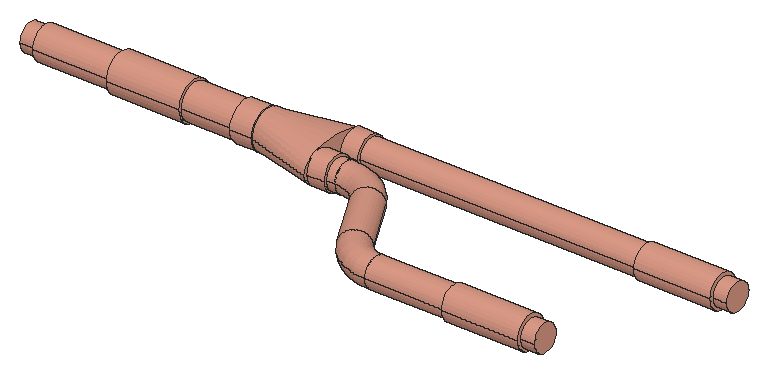
Revit family "outputfile", category 配管付属品, Revit 2024
Family settings
  丸型コネクタ寸法 = 半径を使用
  パーツ タイプ = 標準
  OmniClass 番号 = 23.65.55.00
  OmniClass タイトル = Distribution of Supplied Liquids/Gases
  作業面ベース = いいえ
  常に垂直 = はい
  ロード時にボイドで切り取り = いいえ
  共有 = いいえ
Parameters (values of type "KHRP26A22T")
  Description = ""
  製造元 = "Daikin"
  書き出し IFC クラス(タイプ) = "IfcPipeFittingType"
  定義済み IFC タイプ(タイプ) = "JUNCTION"
  Cost = 0
  Type Comments = ""
  Keynote = ""
  Type Image = (empty or 0)
  Assembly Code = ""
  mm⇔inch [instance] = yes
  l_dividePipe1 [instance] = size_lookup(table_StraightPipe, "l_dividePipe1", 10.0 mm, モデル)  # 10.0 mm
  Default Elevation = 0.0 mm
  モデル = "KHRP26A22T"
  table_StraightPipe [instance] = if(mm⇔inch, "Refnet Joint_KHRP26A-T_Gas_StraightPipe", "Refnet Joint_KHRP26A-T_Gas_StraightPipe_inch")  # "Refnet Joint_KHRP26A-T_Gas_StraightPipe"
  table_BranchPipe [instance] = if(mm⇔inch, "Refnet Joint_KHRP26A-T_Gas_BranchPipe", "Refnet Joint_KHRP26A-T_Gas_BranchPipe_inch")  # "Refnet Joint_KHRP26A-T_Gas_BranchPipe"
  table_Inlet [instance] = if(mm⇔inch, "Refnet Joint_KHRP26A-T_Gas_Inlet", "Refnet Joint_KHRP26A-T_Gas_Inlet_inch")  # "Refnet Joint_KHRP26A-T_Gas_Inlet"
  switch_StraightPipe_Reducer [instance] = if(Is_StraightPipe Reducer = 1, 1 = 1, 1 = 0)  # no
  switch_StraightPipe3 [instance] = if(number_StraightPipe = 3, 1 = 1, 1 = 0)  # no
  switch_StraightPipe2 [instance] = if(number_StraightPipe < 2, 1 = 0, 1 = 1)  # yes
  switch_BranchPipe_Reducer [instance] = if(Is_BranchPipe Reducer = 1, 1 = 1, 1 = 0)  # no
  switch_BranchPipe3 [instance] = if(number_BranchPipe = 3, 1 = 1, 1 = 0)  # no
  switch_BranchPipe2 [instance] = if(number_BranchPipe < 2, 1 = 0, 1 = 1)  # yes
  switch_Inlet pipe_Reducer [instance] = if(Is_Inlet Reducer = 1, 1 = 1, 1 = 0)  # no
  switch_Inlet pipe3 [instance] = if(number_InletPipe = 3, 1 = 1, 1 = 0)  # yes
  switch_Inlet pipe2 [instance] = if(number_InletPipe < 2, 1 = 0, 1 = 1)  # yes
  Uniclass2015Version = "Products v1.31"
  Uniclass2015Title = "Copper pipe fittings"
  Uniclass2015Code = "Pr_65_52_63_18"
  URL = ""
  StraightPipe_Gas_ActualDiameter [instance] = 12.7 mm
  Material_Piping = DAIKIN_Copper_Pipe
  Material_Insulation = DAIKIN_White_Insulation
  lw_Insulation [instance] = size_lookup(table_Inlet, "lw_Insulation", 59.8 mm, モデル)  # 59.8 mm
  Unit Type = "KHRP26A-T_Gas"
  Tag No. [instance] = ""
  StraightPipe_Gas_Status [instance] = size_lookup(table_StraightPipe, "Information", "The connected pipe size is not available.", モデル, StraightPipe_Gas_ActualDiameter)  # "Default connector size is used."
  Link_Nested Family [instance] = ""
  Inlet_Gas_Actual Diameter [instance] = 12.7 mm
  IfcVersion = ""
  IfcExportType = "JUNCTION"
  IfcExportAs = "IfcPipeFittingType"
  BranchPipe_Gas_Status [instance] = size_lookup(table_BranchPipe, "Information", "The connected pipe size is not available.", モデル, BranchPipe_Gas_ActualDiameter)  # "Default connector size is used."
  Inlet_Gas_Status [instance] = size_lookup(table_Inlet, "Information", "The connected pipe size is not available.", モデル, Inlet_Gas_Actual Diameter)  # "Default connector size is used."
  Series = "Refnet Joint"
  O.R_dividePipe_Inlet [instance] = (I.D_InletPipe1 + 2.0 mm) / 2  # 10.55 mm
  r_StraightPipe_Connector [instance] = StraightPipe_Gas_ActualDiameter / 2  # 6.35 mm
  r_BranchPipe_Connector [instance] = BranchPipe_Gas_ActualDiameter / 2  # 6.35 mm
  r_Inlet_Connector [instance] = Inlet_Gas_Actual Diameter / 2  # 6.35 mm
  number_StraightPipe [instance] = size_lookup(table_StraightPipe, "pipeNumber", 2, モデル, StraightPipe_Gas_ActualDiameter)  # 2
  number_BranchPipe [instance] = size_lookup(table_BranchPipe, "pipeNumber", 2, モデル, BranchPipe_Gas_ActualDiameter)  # 2
  number_InletPipe [instance] = size_lookup(table_Inlet, "pipeNumber", 3, モデル, Inlet_Gas_Actual Diameter)  # 3
  r_BranchPipeR [instance] = size_lookup(table_BranchPipe, "r_offsetPipeR", 25.0 mm, モデル, BranchPipe_Gas_ActualDiameter)  # 25.0 mm
  l_BranchPipe_Straight2 [instance] = size_lookup(table_BranchPipe, "L_offsetPipe2", 43.0 mm, モデル)  # 43.0 mm
  l_BranchPipe_Straight1 [instance] = size_lookup(table_BranchPipe, "L_offsetPipe1", 5.0 mm, モデル)  # 5.0 mm
  l_BranchPipe connector [instance] = size_lookup(table_BranchPipe, "Length", 170.0 mm, モデル, BranchPipe_Gas_ActualDiameter)  # 170.0 mm
  l_inlet connector [instance] = size_lookup(table_Inlet, "Length", 130.0 mm, モデル, Inlet_Gas_Actual Diameter)  # 130.0 mm
  l_dividePipe [instance] = size_lookup(table_Inlet, "L_devidePipe", 38.0 mm, モデル)  # 38.0 mm
  l_StraightPipeReducer [instance] = size_lookup(table_StraightPipe, "L_Reducer", 80.0 mm, モデル, StraightPipe_Gas_ActualDiameter)  # 80.0 mm
  l_StraightPipe3 [instance] = size_lookup(table_StraightPipe, "L_Pipe3", 2.0 mm, モデル)  # 2.0 mm
  l_StraightPipe2 [instance] = size_lookup(table_StraightPipe, "L_Pipe2", 8.0 mm, モデル)  # 8.0 mm
  l_StraightPipe1 [instance] = size_lookup(table_StraightPipe, "L_Pipe1", 42.0 mm, モデル)  # 42.0 mm
  l_StraightPipe0 [instance] = size_lookup(table_StraightPipe, "L_Pipe0", 152.0 mm, モデル)  # 152.0 mm
  l_StraightPipe connector [instance] = size_lookup(table_StraightPipe, "Length", 212.0 mm, モデル, StraightPipe_Gas_ActualDiameter)  # 212.0 mm
  l_BranchPipe Reducer [instance] = size_lookup(table_BranchPipe, "L_Reducer", 80.0 mm, モデル, BranchPipe_Gas_ActualDiameter)  # 80.0 mm
  l_BranchPipe3 [instance] = size_lookup(table_BranchPipe, "L_Pipe3", 2.0 mm, モデル)  # 2.0 mm
  l_BranchPipe2 [instance] = size_lookup(table_BranchPipe, "L_Pipe2", 8.0 mm, モデル)  # 8.0 mm
  l_BranchPipe1 [instance] = size_lookup(table_BranchPipe, "L_Pipe1", 42.0 mm, モデル)  # 42.0 mm
  l_BranchPipe0 [instance] = size_lookup(table_BranchPipe, "L_Pipe0", 110.0 mm, モデル)  # 110.0 mm
  l_InletReducer [instance] = size_lookup(table_Inlet, "L_Reducer", 100.0 mm, モデル, Inlet_Gas_Actual Diameter)  # 100.0 mm
  l_InletPipe3 [instance] = size_lookup(table_Inlet, "L_Pipe3", 8.0 mm, モデル)  # 8.0 mm
  l_InletPipe2 [instance] = size_lookup(table_Inlet, "L_Pipe2", 42.0 mm, モデル)  # 42.0 mm
  l_InletPipe1 [instance] = size_lookup(table_Inlet, "L_Pipe1", 40.0 mm, モデル)  # 40.0 mm
  l_InletPipe0 [instance] = size_lookup(table_Inlet, "L_Pipe0", 28.0 mm, モデル)  # 28.0 mm
  center_StraightPipe [instance] = size_lookup(table_StraightPipe, "center_Pipe", 11.5 mm, モデル)  # 11.5 mm
  center_BranchPipe2 [instance] = size_lookup(table_BranchPipe, "center_OffsetPipe", 68.5 mm, モデル)  # 68.5 mm
  center_BranchPipe1 [instance] = size_lookup(table_BranchPipe, "center_Pipe", 11.5 mm, モデル)  # 11.5 mm
  StraightPipe_Gas_AvailableDiameter [instance] = size_lookup(table_StraightPipe, "sizeVariation", "", モデル)  # "12.7/15.9/19.1mm"
  BranchPipe_Gas_AvailableDiameter [instance] = size_lookup(table_BranchPipe, "sizeVariation", "", モデル)  # "12.7/15.9mm"
  Inlet_Gas_Available Diameter [instance] = size_lookup(table_Inlet, "sizeVariation", "", モデル)  # "12.7/15.9/19.1/22.2mm"
  O.D_StraightPipe Reducer [instance] = size_lookup(table_StraightPipe, "O.D_reducer", 2.0 mm, モデル, StraightPipe_Gas_ActualDiameter)  # 2.0 mm
  O.D_Offset Outlet Reducer [instance] = size_lookup(table_BranchPipe, "O.D_reducer", 2.0 mm, モデル, BranchPipe_Gas_ActualDiameter)  # 2.0 mm
  O.D_Inlet Reducer [instance] = size_lookup(table_Inlet, "O.D_reducer", 2.0 mm, モデル, Inlet_Gas_Actual Diameter)  # 2.0 mm
  Is_StraightPipe Reducer [instance] = size_lookup(table_StraightPipe, "IsReducer", 0, モデル, StraightPipe_Gas_ActualDiameter)  # 0
  Is_BranchPipe Reducer [instance] = size_lookup(table_BranchPipe, "IsReducer", 0, モデル, BranchPipe_Gas_ActualDiameter)  # 0
  Is_Inlet Reducer [instance] = size_lookup(table_Inlet, "IsReducer", 0, モデル, Inlet_Gas_Actual Diameter)  # 0
  BranchPipe_Gas_ActualDiameter [instance] = 12.7 mm
  Attach_Insulation [instance] = no
  I.D_StraightPipe3 [instance] = size_lookup(table_StraightPipe, "I.D_PipeSize3", 2.0 mm, モデル)  # 2.0 mm
  I.D_StraightPipe2 [instance] = size_lookup(table_StraightPipe, "I.D_PipeSize2", 12.7 mm, モデル)  # 12.7 mm
  I.D_StraightPipe1 [instance] = size_lookup(table_StraightPipe, "I.D_PipeSize1", 15.9 mm, モデル)  # 15.9 mm
  I.D_StraightPipe0 [instance] = size_lookup(table_StraightPipe, "I.D_PipeSize0", 13.9 mm, モデル)  # 13.9 mm
  I.D_BranchPipe3 [instance] = size_lookup(table_BranchPipe, "I.D_PipeSize3", 2.0 mm, モデル)  # 2.0 mm
  I.D_BranchPipe2 [instance] = size_lookup(table_BranchPipe, "I.D_PipeSize2", 12.7 mm, モデル)  # 12.7 mm
  I.D_BranchPipe1 [instance] = size_lookup(table_BranchPipe, "I.D_PipeSize1", 15.9 mm, モデル)  # 15.9 mm
  I.D_BranchPipe0 [instance] = size_lookup(table_BranchPipe, "I.D_PipeSize0", 13.9 mm, モデル)  # 13.9 mm
  I.D_Straight Reducer [instance] = size_lookup(table_StraightPipe, "I.D_reducer", 2.0 mm, モデル, StraightPipe_Gas_ActualDiameter)  # 2.0 mm
  I.D_OutletPipe [instance] = size_lookup(table_Inlet, "I.D_OutletPipeSize", 16.0 mm, モデル, Inlet_Gas_Actual Diameter)  # 16.0 mm
  I.D_Branch Reducer [instance] = size_lookup(table_BranchPipe, "I.D_reducer", 2.0 mm, モデル, BranchPipe_Gas_ActualDiameter)  # 2.0 mm
  I.D_Inlet Reducer [instance] = size_lookup(table_Inlet, "I.D_reducer", 2.0 mm, モデル, Inlet_Gas_Actual Diameter)  # 2.0 mm
  I.D_InletPipe3 [instance] = size_lookup(table_Inlet, "I.D_PipeSize3", 12.7 mm, モデル)  # 12.7 mm
  I.D_InletPipe2 [instance] = size_lookup(table_Inlet, "I.D_PipeSize2", 15.9 mm, モデル)  # 15.9 mm
  I.D_InletPipe1 [instance] = size_lookup(table_Inlet, "I.D_PipeSize1", 19.1 mm, モデル)  # 19.1 mm
  I.D_InletPipe0 [instance] = size_lookup(table_Inlet, "I.D_PipeSize0", 17.1 mm, モデル)  # 17.1 mm
Reference planes
  plane 1 "Center (Front/Back)": y = 0
  plane 2: z = 0
  plane 3 "base_left": x = 0
  plane 4: x = 8
  plane 5: x = 50
  plane 6: x = 90
  plane 7: x = 118
  plane 8: x = 130
  plane 9: x = 168
  plane 10: x = 178
  plane 11 "center_straight outlet": y = 11.5
  plane 12 "center2_offset outlet": y = -68.5
  plane 13 "center1_offset outlet": y = -11.5
  plane 14: x = 330
  plane 15: x = 372
  plane 16: x = 380
  plane 17: x = 288
  plane 18: x = 330
  plane 19: x = 338
  plane 20: x = 382
  plane 21: x = 340
  plane 22 "Reducer_straightoutlet": x = 338
  plane 23: x = 380
  plane 24: y = -22.05
  plane 25: z = 10.55
  plane 26 "Inlet_connector": x = 0
  plane 27 "Left_Insulation": x = 70.2
Forms (mm)
  SweptBlend 1, solid, material "DAIKIN_Copper_Pipe" <- "Material_Piping"
    path origin (0, 0, 0) x (1, 0, 0) y (0, 1, 0)
      loop
        line (130, 0) -> (168, 0)
    profile origin (130, 0, 0) x (0, 1, 0) y (0, 0, 1)
      loop
        circle (0, 0) r 10.55
    end profile origin (168, 0, 0) x (0, 1, 0) y (0, 0, 1)
      loop
        spline (-22.05, 0) -> (-21.299, -2.731) -> (-19.096, -5.275) -> (-15.592, -7.46) -> (-11.025, -9.137) -> (-5.707, -10.191) -> (0, -10.55) -> (5.707, -10.191) -> (11.025, -9.137) -> (15.592, -7.46) -> (19.096, -5.275) -> (21.299, -2.731) -> (22.05, 0)
        spline (22.05, 0) -> (21.299, 2.731) -> (19.096, 5.275) -> (15.592, 7.46) -> (11.025, 9.137) -> (5.707, 10.191) -> (0, 10.55) -> (-5.707, 10.191) -> (-11.025, 9.137) -> (-15.592, 7.46) -> (-19.096, 5.275) -> (-21.299, 2.731) -> (-22.05, 0)
Dimensions and locks
  "l_InletPipe3": plane 3 "base_left" to plane 4
  "l_InletPipe2": plane 4 to plane 5
  "l_InletPipe1": plane 5 to plane 6
  "l_InletPipe0": plane 6 to plane 7
  locked: plane 7 to plane 8 at 12
  "center_StraightPipe": plane 1 "Center (Front/Back)" to plane 11 "center_straight outlet"
  "center_BranchPipe2": plane 12 "center2_offset outlet" to plane 1 "Center (Front/Back)"
  "center_BranchPipe1": plane 13 "center1_offset outlet" to plane 1 "Center (Front/Back)"
  "l_dividePipe": plane 8 to plane 9
  "l_dividePipe1": plane 9 to plane 10
  "l_StraightPipe0": plane 10 to plane 14
  "l_BranchPipe0": plane 10 to plane 17
  "l_BranchPipe1": plane 17 to plane 18
  "l_BranchPipe2": plane 18 to plane 19
  "l_StraightPipe1": plane 14 to plane 15
  "l_StraightPipe2": plane 15 to plane 16
  "l_StraightPipe3": plane 16 to plane 20
  "l_BranchPipe3": plane 19 to plane 21
  "l_BranchPipe connector": plane 9 to plane 22 "Reducer_straightoutlet"
  "l_StraightPipe connector": plane 9 to plane 23
  "O.R_dividePipe_Inlet": plane 24 to plane 13 "center1_offset outlet"
  "O.R_dividePipe_Inlet": plane 25 to plane 2
  "l_inlet connector": plane 26 "Inlet_connector" to plane 8
  "lw_Insulation": plane 27 "Left_Insulation" to plane 8
  "O.R_dividePipe_Inlet": radius of SweptBlend 1 sketch curve
  aligned and locked: level to plane 2
  aligned and locked: plane 2 to nested 1
  aligned and locked: plane 3 "base_left" to nested 1
  aligned and locked: plane 1 "Center (Front/Back)" to nested 1
  aligned and locked: plane 4 to nested 2
  aligned and locked: plane 1 "Center (Front/Back)" to nested 2
  aligned and locked: plane 5 to nested 2
  aligned and locked: plane 5 to nested 3
  aligned and locked: plane 6 to nested 3
  aligned and locked: plane 6 to nested 4
  aligned and locked: nested 4 to plane 7
  aligned and locked: nested 5 to plane 7
  aligned and locked: nested 5 to plane 8
  aligned and locked: plane 8 to SweptBlend 1 sketch curve
  aligned and locked: plane 9 to SweptBlend 1 sketch curve
  aligned and locked: plane 2 to SweptBlend 1 sketch curve  (x2)
  aligned and locked: plane 1 "Center (Front/Back)" to SweptBlend 1 sketch curve  (x2)
  aligned and locked: nested 6 to plane 9
  aligned and locked: nested 7 to plane 9
  aligned and locked: nested 6 to plane 11 "center_straight outlet"
  aligned and locked: nested 7 to plane 13 "center1_offset outlet"
  aligned and locked: nested 7 to plane 10
  aligned and locked: nested 6 to plane 10
  aligned and locked: nested 8 to plane 10
  aligned and locked: plane 14 to nested 8
  aligned and locked: nested 8 to plane 11 "center_straight outlet"
  aligned and locked: plane 14 to nested 9
  aligned and locked: nested 9 to plane 11 "center_straight outlet"
  aligned and locked: plane 15 to nested 9
  aligned and locked: nested 10 to plane 11 "center_straight outlet"
  aligned and locked: plane 15 to nested 10
  aligned and locked: plane 16 to nested 10
  aligned and locked: nested 11 to plane 12 "center2_offset outlet"
  aligned and locked: plane 17 to nested 11
  aligned and locked: plane 18 to nested 11
  aligned and locked: nested 12 to plane 12 "center2_offset outlet"
  aligned and locked: plane 18 to nested 12
  aligned and locked: plane 19 to nested 12
  aligned and locked: nested 13 to plane 10
  aligned and locked: nested 13 to plane 13 "center1_offset outlet"
  aligned and locked: nested 13 to plane 12 "center2_offset outlet"
  aligned and locked: plane 8 to nested 14
  aligned and locked: plane 1 "Center (Front/Back)" to nested 14
  aligned and locked: plane 11 "center_straight outlet" to nested 15
  aligned and locked: nested 15 to plane 9
  aligned and locked: nested 16 to plane 9
  aligned and locked: plane 12 "center2_offset outlet" to nested 16
  aligned and locked: nested 17 to plane 1 "Center (Front/Back)"
  aligned and locked: plane 16 to nested 18
  aligned and locked: plane 20 to nested 18
  aligned and locked: plane 19 to nested 19
  aligned and locked: plane 21 to nested 19
  aligned and locked: nested 20 to plane 12 "center2_offset outlet"
  aligned and locked: plane 23 to nested 21
  aligned and locked: nested 21 to plane 11 "center_straight outlet"
  aligned and locked: plane 4 to nested 1
  aligned and locked: plane 24 to SweptBlend 1 sketch curve
  aligned and locked: plane 25 to SweptBlend 1 sketch curve
  aligned and locked: nested 19 to plane 12 "center2_offset outlet"
  aligned and locked: nested 18 to plane 11 "center_straight outlet"
  aligned and locked: nested 17 to plane 26 "Inlet_connector"
  aligned and locked: plane 22 "Reducer_straightoutlet" to nested 20
  aligned and locked: plane 27 "Left_Insulation" to nested 22
  aligned and locked: plane 1 "Center (Front/Back)" to nested 22
Automatic sketch dimensions
  plane 1 "Center (Front/Back)" to SweptBlend 1 sketch curve = 0.0 mm
Nested families
  nested 1: "daikin_Pipe" at (4, 0, 0), I.D_Pipe <- "I.D_InletPipe3", display <- "switch_Inlet pipe3", type "*"
    with length_Pipe 8.0 mm, display yes, O.D_Pipe 14.7 mm, I.D_Pipe 12.7 mm
  nested 2: "daikin_Pipe" at (29, 0, 0), I.D_Pipe <- "I.D_InletPipe2", display <- "switch_Inlet pipe2", type "*"
    with length_Pipe 42.0 mm, display yes, O.D_Pipe 17.9 mm, I.D_Pipe 15.9 mm
  nested 3: "daikin_Pipe" at (70, 0, 0), I.D_Pipe <- "I.D_InletPipe1", type "*"
    with length_Pipe 40.0 mm, display yes, O.D_Pipe 21.1 mm, I.D_Pipe 19.1 mm
  nested 4: "daikin_Pipe" at (104, 0, 0), I.D_Pipe <- "I.D_InletPipe0", type "*"
    with length_Pipe 28.0 mm, display yes, O.D_Pipe 19.1 mm, I.D_Pipe 17.1 mm
  nested 5: "daikin_Pipe" at (124, 0, 0), I.D_Pipe <- "I.D_InletPipe1", type "*"
    with length_Pipe 12.0 mm, display yes, O.D_Pipe 21.1 mm, I.D_Pipe 19.1 mm
  nested 6: "daikin_Pipe" at (173, 11.5, 0), I.D_Pipe <- "I.D_OutletPipe", type "*"
    with length_Pipe 10.0 mm, display yes, O.D_Pipe 18.0 mm, I.D_Pipe 16.0 mm
  nested 7: "daikin_Pipe" at (173, -11.5, 0), I.D_Pipe <- "I.D_OutletPipe", type "*"
    with length_Pipe 10.0 mm, display yes, O.D_Pipe 18.0 mm, I.D_Pipe 16.0 mm
  nested 8: "daikin_Pipe" at (254, 11.5, 0), I.D_Pipe <- "I.D_StraightPipe0", type "*"
    with length_Pipe 152.0 mm, display yes, O.D_Pipe 15.9 mm, I.D_Pipe 13.9 mm
  nested 9: "daikin_Pipe" at (351, 11.5, 0), I.D_Pipe <- "I.D_StraightPipe1", type "*"
    with length_Pipe 42.0 mm, display yes, O.D_Pipe 17.9 mm, I.D_Pipe 15.9 mm
  nested 10: "daikin_Pipe" at (376, 11.5, 0), I.D_Pipe <- "I.D_StraightPipe2", display <- "switch_StraightPipe2", type "*"
    with length_Pipe 8.0 mm, display yes, O.D_Pipe 14.7 mm, I.D_Pipe 12.7 mm
  nested 11: "daikin_Pipe" at (309, -68.5, 0), I.D_Pipe <- "I.D_BranchPipe1", type "*"
    with length_Pipe 42.0 mm, display yes, O.D_Pipe 17.9 mm, I.D_Pipe 15.9 mm
  nested 12: "daikin_Pipe" at (334, -68.5, 0), I.D_Pipe <- "I.D_BranchPipe2", display <- "switch_BranchPipe2", type "*"
    with length_Pipe 8.0 mm, display yes, O.D_Pipe 14.7 mm, I.D_Pipe 12.7 mm
  nested 13: "daikin_Pipe Ofsset" at (178, -11.5, 0), I.D_Pipe size <- "I.D_BranchPipe0", length_straight pipe1 <- "l_BranchPipe_Straight1", length_straight pipe2 <- "l_BranchPipe_Straight2", r_Pipe R <- "r_BranchPipeR", length_Pipe <- "l_BranchPipe0", type "*"
    with r_Pipe R 25.0 mm, length_straight pipe2 43.0 mm, length_straight pipe1 5.0 mm, length_offset center 57.0 mm, length_Pipe 110.0 mm, O.D_Pipe size 15.9 mm, I.D_Pipe size 13.9 mm
  nested 14: "daikin_connector_rotate2" at (130, 0, 0) x (0, -1, 0) z (0, 0, 1), length <- "l_inlet connector", type "daikin_connector_rotate2"
    with radius 5.0 mm, length 130.0 mm, angle_vertical 90.00°, locaton_mark no
  nested 15: "daikin_connector_rotate2" at (168, 11.5, 0) x (0, 1, 0) z (0, 0, 1), length <- "l_StraightPipe connector", type "daikin_connector_rotate2"
    with radius 5.0 mm, length 212.0 mm, angle_vertical 90.00°, locaton_mark no
  nested 16: "daikin_connector_rotate2" at (168, -68.5, 0) x (0, 1, 0) z (0, 0, 1), length <- "l_BranchPipe connector", type "daikin_connector_rotate2"
    with radius 5.0 mm, length 170.0 mm, angle_vertical 90.00°, locaton_mark no
  nested 17: "daikin_Pipe_reducer" at (50, 0, 0) x (-1, 0, 0) z (0, 0, 1), display <- "switch_Inlet pipe_Reducer", length_Pipe <- "l_InletReducer", I.D_Pipe1 <- "I.D_Inlet Reducer", O.D_Pipe2 <- "O.D_Inlet Reducer", type "*"
    with length_Pipe 100.0 mm, display no, O.D_Pipe2 2.0 mm, O.D_Pipe1 4.0 mm, I.D_Pipe2 0.0 mm, I.D_Pipe1 2.0 mm
  nested 18: "daikin_Pipe" at (381, 11.5, 0), I.D_Pipe <- "I.D_StraightPipe3", display <- "switch_StraightPipe3", type "*"
    with length_Pipe 2.0 mm, display no, O.D_Pipe 4.0 mm, I.D_Pipe 2.0 mm
  nested 19: "daikin_Pipe" at (339, -68.5, 0), I.D_Pipe <- "I.D_BranchPipe3", display <- "switch_BranchPipe3", type "*"
    with length_Pipe 2.0 mm, display no, O.D_Pipe 4.0 mm, I.D_Pipe 2.0 mm
  nested 20: "daikin_Pipe_reducer" at (298, -68.5, 0), I.D_Pipe1 <- "I.D_Branch Reducer", O.D_Pipe2 <- "O.D_Offset Outlet Reducer", length_Pipe <- "l_BranchPipe Reducer", display <- "switch_BranchPipe_Reducer", type "*"
    with length_Pipe 80.0 mm, display no, O.D_Pipe2 2.0 mm, O.D_Pipe1 4.0 mm, I.D_Pipe2 0.0 mm, I.D_Pipe1 2.0 mm
  nested 21: "daikin_Pipe_reducer" at (340, 11.5, 0), I.D_Pipe1 <- "I.D_Straight Reducer", O.D_Pipe2 <- "O.D_StraightPipe Reducer", length_Pipe <- "l_StraightPipeReducer", display <- "switch_StraightPipe_Reducer", type "*"
    with length_Pipe 80.0 mm, display no, O.D_Pipe2 2.0 mm, O.D_Pipe1 4.0 mm, I.D_Pipe2 0.0 mm, I.D_Pipe1 2.0 mm
  nested 22: "daikin_Insulation_RefnetJoint" at (70.2, 0, 0), I.D_Outlet PipeSize <- "I.D_OutletPipe", type "*"
    with h 48.0 mm, I.D_Outlet PipeSize 16.0 mm, display no
Connectors
  piping at (0, 0, 0), diameter 12.7, driven by "r_Inlet_Connector"
    settings: on nested 14, index 1, connector inside diameter 609.6 mm, connector length 0.0 mm, flow factor 0, pipe flow 0.00 m³/h, pressure drop 0.0 Pa, fitting loss kfactor 0, connector angle 0.00°, fixture units 0, engagement length 0.0 mm, angle of deflection 0.00°, flow configuration 0, flow direction 2, fitting loss method 0, system type 29, joint type 0, gender type 0, connector reference index -1, connector utility 0, adjustable connector no, is connector primary yes, connector description "Refnet Joint_Inlet_Gas"
  piping at (338, -68.5, 0), diameter 12.7, driven by "r_BranchPipe_Connector"
    settings: on nested 16, index 2, connector inside diameter 609.6 mm, connector length 0.0 mm, flow factor 0, pipe flow 0.00 m³/h, pressure drop 0.0 Pa, fitting loss kfactor 0, connector angle 0.00°, fixture units 0, engagement length 0.0 mm, angle of deflection 0.00°, flow configuration 0, flow direction 1, fitting loss method 0, system type 29, joint type 0, gender type 0, connector reference index -1, connector utility 0, adjustable connector no, is connector primary no, connector description "Refnet Joint_Outlet Branch_Gas"
  piping at (380, 11.5, 0), diameter 12.7, driven by "r_StraightPipe_Connector"
    settings: on nested 15, index 3, connector inside diameter 609.6 mm, connector length 0.0 mm, flow factor 0, pipe flow 0.00 m³/h, pressure drop 0.0 Pa, fitting loss kfactor 0, connector angle 0.00°, fixture units 0, engagement length 0.0 mm, angle of deflection 0.00°, flow configuration 0, flow direction 1, fitting loss method 0, system type 29, joint type 0, gender type 0, connector reference index -1, connector utility 0, adjustable connector no, is connector primary no, connector description "Refnet Joint_Outlet Straight_Gas"
Definition of nested family "daikin_Pipe"
  Parameters (values of type "*")
    Default Elevation = 0.0 mm
    material = none
    length_Pipe [instance] = 150.0 mm
    display [instance] = yes
    O.D_Pipe [instance] = I.D_Pipe + 2.0 mm  # 27.0 mm
    I.D_Pipe [instance] = 25.0 mm
  Reference planes
    plane 1 "Center (Front/Back)": y = 0
    plane 2 "center(vertical)": z = 0
    plane 3 "Center (Left/Right)": x = 0
    plane 4 "left": x = -75
    plane 5 "right": x = 75
  Forms (mm)
    Extrusion 1, solid, material <- "material", visible <- "display"
      sketch origin (0, 0, 0) x (0, 1, 0) y (0, 0, 1)
        loop
          circle (0, 0) r 13.5
      from -75 to 75
  Dimensions and locks
    equal spacing: plane 4 "left", plane 3 "Center (Left/Right)", plane 5 "right"
    "length_Pipe": plane 4 "left" to plane 5 "right"
    "O.D_Pipe": diameter of Extrusion 1 sketch curve
    aligned and locked: level to plane 2 "center(vertical)"
    aligned and locked: plane 2 "center(vertical)" to Extrusion 1 sketch curve
    aligned and locked: plane 1 "Center (Front/Back)" to Extrusion 1 sketch curve
    aligned and locked: plane 5 "right" to Extrusion 1
    aligned and locked: Extrusion 1 to plane 4 "left"
Definition of nested family "daikin_Pipe Ofsset"
  Parameters (values of type "*")
    Default Elevation = 0.0 mm
    r_Pipe R [instance] = 40.0 mm
    material = none
    length_straight pipe2 [instance] = 43.0 mm
    length_straight pipe1 [instance] = 5.0 mm
    length_offset center [instance] = 57.0 mm
    length_Pipe [instance] = 110.0 mm
    O.D_Pipe size [instance] = I.D_Pipe size + 2.0 mm  # 12.0 mm
    I.D_Pipe size [instance] = 10.0 mm
  Reference planes
    plane 1 "Center (Front/Back)": y = 0
    plane 2: z = 0
    plane 3 "Center (Left/Right)": x = 0
    plane 4: y = -57
    plane 5: x = 110
    plane 6: x = 67
    plane 7: x = 5
  Forms (mm)
    Sweep 1, solid, material <- "material"
      path origin (0, 0, 0) x (1, 0, 0) y (0, 1, 0)
        loop
          line (0, 0) -> (5, 0)
          arc (5, 0) -> (20.74, -3.227) -> (33.94, -12.387) r 40
          line (33.94, -12.387) -> (38.06, -44.613)
          arc (38.06, -44.613) -> (51.26, -53.773) -> (67, -57) r 40
          line (67, -57) -> (110, -57)
      profile origin (2.5, 0, 0) x (0, 1, 0) y (0, 0, 1)
        loop
          circle (0, 0) r 6
  Dimensions and locks
    "length_offset center": plane 4 to plane 1 "Center (Front/Back)"
    "length_straight pipe1": plane 3 "Center (Left/Right)" to plane 7
    "length_Pipe": plane 3 "Center (Left/Right)" to plane 5
    "length_straight pipe2": plane 6 to plane 5
    "O.D_Pipe size": diameter of Sweep 1 sketch curve
    "r_Pipe R": radius of Sweep 1 sketch curve  (x2)
    aligned and locked: level to plane 2
    aligned and locked: plane 1 "Center (Front/Back)" to Sweep 1 sketch curve
    aligned and locked: profile plane to Sweep 1 sketch curve
    aligned and locked: plane 5 to Sweep 1 sketch curve
    aligned and locked: plane 7 to Sweep 1 sketch curve
    aligned and locked: plane 6 to Sweep 1 sketch curve
  Automatic sketch dimensions
    plane 1 "Center (Front/Back)" to Sweep 1 sketch curve = 0.0 mm
    Sweep 1 sketch curve to plane 3 "Center (Left/Right)" = 0.0 mm
    plane 4 to Sweep 1 sketch curve = 0.0 mm
    plane 1 "Center (Front/Back)" to Sweep 1 sketch curve = 12.387 mm
    Sweep 1 sketch curve to plane 4 = 12.387 mm
Definition of nested family "daikin_connector_rotate2"
  Parameters (values of type "daikin_connector_rotate2")
    show_face = no
    radius [instance] = 10.0 mm
    locaton_mark = yes
    length [instance] = 600.0 mm
    d_surface = 10.0 mm
    angle_vertical [instance] = 90.00°
    Default Elevation = 0.0 mm
  Reference planes
    plane 1 "Center (Front/Back)": y = 0
    plane 2: z = 0
    plane 3 "Center (Left/Right)": x = 0
  Forms (mm)
    Extrusion 1, solid, visible <- "show_face"
      sketch origin (0, -600, 0) x (1, 0, 0) y (0, 0, 1)
        loop
          circle (0, 0) r 10
      from 0 to -10
  Lines and regions (mm)
    reference lines
      curve 1: line (0, 0, 0) -> (0, -600, 0)
    symbolic lines, visible <- "locaton_mark"
      curve 2: circle (0, 0, 0) r 5 normal (0, 0, 1)
    model lines, visible <- "show_face"
      curve 3: line (0, 0, 0) -> (0, -600, 0)
  Dimensions and locks
    "length": curve 1 to curve 1
    "length": curve 3 to curve 3
    "d_surface": Extrusion 1 to Extrusion 1
    "radius": radius of Extrusion 1 sketch curve
    "angle_vertical": angle curve 1 to plane 1 "Center (Front/Back)"
    "angle_vertical": angle curve 3 to plane 1 "Center (Front/Back)"
    aligned and locked: level to plane 2
    aligned and locked: plane 1 "Center (Front/Back)" to curve 1
    aligned and locked: plane 2 to curve 1
    aligned and locked: plane 1 "Center (Front/Back)" to curve 2
    aligned and locked: plane 3 "Center (Left/Right)" to curve 2
    aligned and locked: plane 1 "Center (Front/Back)" to curve 3
    aligned and locked: plane 2 to curve 3
    aligned and locked: Extrusion 1 to Extrusion 1
  Automatic sketch dimensions
    Extrusion 1 sketch curve to level = 0.0 mm
    Extrusion 1 sketch curve to plane 3 "Center (Left/Right)" = 0.0 mm
    radius of curve 2 = 5.0 mm
Definition of nested family "daikin_Pipe_reducer"
  Parameters (values of type "*")
    Default Elevation = 0.0 mm
    material = none
    length_Pipe [instance] = 250.0 mm
    display [instance] = yes
    O.D_Pipe2 [instance] = 19.1 mm
    O.D_Pipe1 [instance] = I.D_Pipe1 + 2.0 mm  # 24.2 mm
    I.D_Pipe2 [instance] = O.D_Pipe2 - 2.0 mm  # 17.1 mm
    I.D_Pipe1 [instance] = 22.2 mm
  Reference planes
    plane 1 "Center (Front/Back)": y = 0
    plane 2 "center(vertical)": z = 0
    plane 3 "Center (Left/Right)": x = 0
    plane 4 "connection": x = -125
    plane 5 "right": x = 113
    plane 6: x = 125
  Forms (mm)
    Extrusion 1, solid, material <- "material", visible <- "display"
      sketch origin (0, 0, 0) x (0, 1, 0) y (0, 0, 1)
        loop
          circle (0, 0) r 9.55
      from -125 to 113
    Extrusion 2, solid, material <- "material", visible <- "display"
      sketch origin (0, 0, 0) x (0, 1, 0) y (0, 0, 1)
        loop
          circle (0, 0) r 12.1
      from 113 to 125
  Dimensions and locks
    locked: plane 5 "right" to plane 6 at 12
    "length_Pipe": plane 4 "connection" to plane 6
    equal spacing: plane 4 "connection", plane 3 "Center (Left/Right)", plane 6
    "O.D_Pipe2": diameter of Extrusion 1 sketch curve
    "O.D_Pipe1": diameter of Extrusion 2 sketch curve
    aligned and locked: level to plane 2 "center(vertical)"
    aligned and locked: plane 2 "center(vertical)" to Extrusion 1 sketch curve
    aligned and locked: plane 1 "Center (Front/Back)" to Extrusion 1 sketch curve
    aligned and locked: plane 5 "right" to Extrusion 1
    aligned and locked: Extrusion 1 to plane 4 "connection"
    aligned and locked: plane 2 "center(vertical)" to Extrusion 2 sketch curve
    aligned and locked: plane 1 "Center (Front/Back)" to Extrusion 2 sketch curve
    aligned and locked: Extrusion 2 to plane 5 "right"
    aligned and locked: plane 6 to Extrusion 2
Definition of nested family "daikin_Insulation_RefnetJoint"
  Parameters (values of type "*")
    r_Insulation = size_lookup(table_Insulation, "r_Insulation", 13.5 mm, Model)  # 13.5 mm
    h_Insulation = size_lookup(table_Insulation, "h_Insulation", 202.5 mm, Model)  # 202.5 mm
    d_Insulation3_3 = size_lookup(table_Insulation, "d_Insulation3_3", 68.0 mm, Model)  # 68.0 mm
    d_Insulation2_2 = size_lookup(table_Insulation, "d_Insulation2_2", 38.0 mm, Model)  # 38.0 mm
    d_Insulation1_1 = size_lookup(table_Insulation, "d_Insulation1_1", 26.5 mm, Model)  # 26.5 mm
    Default Elevation = 0.0 mm
    Model = "KHRP26A22T"
    w_Insulation5 = size_lookup(table_Insulation, "w_Insulation5", 212.0 mm, Model)  # 212.0 mm
    w_Insulation4 = size_lookup(table_Insulation, "w_Insulation4", 67.0 mm, Model)  # 67.0 mm
    w_Insulation3 = size_lookup(table_Insulation, "w_Insulation3", 34.7 mm, Model)  # 34.7 mm
    w_Insulation2 = size_lookup(table_Insulation, "w_Insulation2", 80.0 mm, Model)  # 80.0 mm
    w_Insulation1 = size_lookup(table_Insulation, "w_Insulation1", 22.0 mm, Model)  # 22.0 mm
    table_Insulation = "Refnet Joint_KHRP26A-T_Gas_Insulation"  # constant formula
    material = none
    h [instance] = (I.D_Outlet PipeSize + 2.0 mm) + 30.0 mm  # 47.0 mm
    display = yes
    d_Insulation3 = size_lookup(table_Insulation, "d_Insulation3", 63.5 mm, Model)  # 63.5 mm
    d_Insulation2 = size_lookup(table_Insulation, "d_Insulation2", 41.0 mm, Model)  # 41.0 mm
    d_Insulation1 = size_lookup(table_Insulation, "d_Insulation1", 29.5 mm, Model)  # 29.5 mm
    I.D_Outlet PipeSize [instance] = 15.0 mm
  Reference planes
    plane 1 "Center (Front/Back)": y = 0
    plane 2: z = 0
    plane 3 "Left": x = 0
    plane 4 "top": z = 23.5
    plane 5 "bottom": z = -23.5
    plane 6: x = 22
    plane 7: x = 80
    plane 8: y = 26.5
    plane 9: y = -29.5
    plane 10: y = 38
    plane 11: y = -41
    plane 12: y = -93.5
    plane 13: x = 212
    plane 14: y = -30
    plane 15: x = 114.7
    plane 16: x = 145
    plane 17: x = 202.5
  Forms (mm)
    Extrusion 1, solid, material <- "material", visible <- "display"
      sketch origin (0, 0, 0) x (1, 0, 0) y (0, 1, 0)
        loop
          line (22, 26.5) -> (0, 26.5) -> (0, -29.5) -> (22, -29.5) -> (80, -41) -> (114.7, -41) -> (145, -93.5) -> (212, -93.5) -> (212, -43.5) -> (202.5, -43.5)
          arc (202.5, -43.5) -> (189, -30) -> (202.5, -16.5) r 13.5
          line (202.5, -16.5) -> (212, -16.5) -> (212, 38) -> (80, 38) -> (22, 26.5)
      from -23.5 to 23.5
  Dimensions and locks
    equal spacing: plane 4 "top", plane 2, plane 5 "bottom"
    "h": plane 4 "top" to plane 5 "bottom"
    "w_Insulation1": plane 3 "Left" to plane 6
    "w_Insulation2": plane 3 "Left" to plane 7
    "w_Insulation5": plane 3 "Left" to plane 13
    "w_Insulation3": plane 7 to plane 15
    "w_Insulation4": plane 16 to plane 13
    "d_Insulation1": plane 1 "Center (Front/Back)" to plane 9
    "d_Insulation1_1": plane 8 to plane 1 "Center (Front/Back)"
    "d_Insulation2": plane 1 "Center (Front/Back)" to plane 11
    "d_Insulation2_2": plane 10 to plane 1 "Center (Front/Back)"
    "d_Insulation3_3": plane 10 to plane 14
    "d_Insulation3": plane 14 to plane 12
    "r_Insulation": Extrusion 1 sketch curve to plane 14
    "r_Insulation": plane 14 to Extrusion 1 sketch curve
    "h_Insulation": plane 3 "Left" to plane 17
    "r_Insulation": radius of Extrusion 1 sketch curve
    aligned and locked: level to plane 2
    aligned and locked: Extrusion 1 to plane 5 "bottom"
    aligned and locked: plane 4 "top" to Extrusion 1
    aligned and locked: plane 6 to Extrusion 1  (x2)
    aligned and locked: plane 7 to Extrusion 1  (x2)
    aligned and locked: plane 6 to Extrusion 1 sketch curve
    aligned and locked: plane 11 to Extrusion 1 sketch curve
    aligned and locked: plane 7 to Extrusion 1 sketch curve  (x2)
    aligned and locked: plane 10 to Extrusion 1 sketch curve
    aligned and locked: Extrusion 1 sketch curve to plane 12
    aligned and locked: Extrusion 1 sketch curve to plane 13  (x2)
    aligned and locked: plane 16 to Extrusion 1 sketch curve
    aligned and locked: plane 15 to Extrusion 1 sketch curve
    aligned and locked: plane 17 to Extrusion 1 sketch curve
  Automatic sketch dimensions
    Extrusion 1 sketch curve to plane 3 "Left" = 0.0 mm
    Extrusion 1 sketch curve to plane 6 = 0.0 mm
    Extrusion 1 sketch curve to plane 9 = 0.0 mm
    Extrusion 1 sketch curve to plane 8 = 0.0 mm
